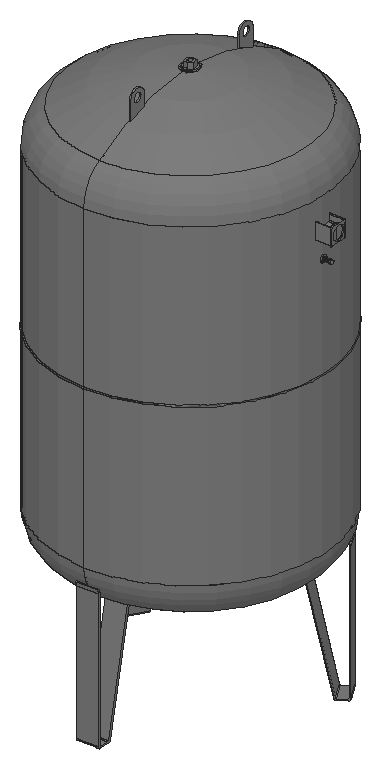
Revit family "MIT-2500-ET (Vertical)", category Specialty Equipment, Revit 2022
Family settings
  Round Connector Dimension = Use Diameter
  Part Type = Normal
  Work Plane-Based = No
  Always vertical = Yes
  Cut with Voids When Loaded = No
  Maintain Annotation Orientation = No
  Shared = No
  Room Calculation Point = No
Parameters
  URL = "https://en.ekinendustriyel.com/expansion-tanks"
  Test Pressure = 15.0 bar
  Production Standard = "TS EN 13831"
  Precharge Pressure = 4.0 bar
  Operating Pressure = 10.0 bar
  Model = "MIT-2500-ET_(Vertical)"
  Manufacturer = "Ekin Endüstriyel"
  Keynote = "Expension Tank"
  Description = "MIT-Expension Tank"
  Default Elevation = 0 mm
Reference planes
  plane 1 "Center (Front/Back)": y = 0
  plane 2: z = 0
  plane 3 "Center (Left/Right)": x = 0
Forms (mm)
  Revolve 1, solid, material "Ekin Endustriyel-S235JR", detail levels medium+fine
    sketch origin (0, -5374.015, 98.319) x (0, 1, 0) y (0, 0, 1)
      loop
        line (5374.015, 2394.595) -> (5374.015, 2390.595) -> (5415.232, 2390.595)
        arc (5415.232, 2390.595) -> (5660.359, 2344.516) -> (5885.578, 2237.342) r 968.168
        arc (5885.578, 2237.342) -> (5947.553, 2170.564) -> (5970.038, 2082.276) r 184.58
        line (5970.038, 2082.276) -> (5970.038, 628.392)
        arc (5970.038, 628.392) -> (5949.617, 546.105) -> (5893.092, 482.913) r 176
        arc (5893.092, 482.913) -> (5715.977, 388.76) -> (5522.67, 335.212) r 920.403
        arc (5522.67, 335.212) -> (5498.925, 318.221) -> (5471.045, 309.547) r 91.784
        line (5471.045, 309.547) -> (5374.015, 309.547) -> (5374.015, 305.547) -> (5471.327, 305.547)
        arc (5471.327, 305.547) -> (5499.998, 314.291) -> (5524.562, 331.468) r 95.784
        arc (5524.562, 331.468) -> (5718.047, 385.279) -> (5895.344, 479.606) r 924.403
        arc (5895.344, 479.606) -> (5953.153, 544.234) -> (5974.038, 628.392) r 180
        line (5974.038, 628.392) -> (5974.038, 1353.684)
        arc (5974.038, 1353.684) -> (5977.038, 1356.684) -> (5974.038, 1359.684) r 3
        line (5974.038, 1359.684) -> (5974.038, 2082.276)
        arc (5974.038, 2082.276) -> (5951.066, 2172.477) -> (5887.748, 2240.703) r 188.58
        arc (5887.748, 2240.703) -> (5661.544, 2348.337) -> (5415.346, 2394.595) r 972.168
        line (5415.346, 2394.595) -> (5374.015, 2394.595)
      axis (5374.015, 305.547) -> (5374.015, 2394.595)
    angle from 0 to 360
  Extrusion 2, solid, material "Ekin Endustriyel-S235JR", detail levels coarse
    sketch origin (7881.66, -13248.976, 122.286) x (0, 1, 0) y (-1, 0, 0)
      loop
        circle (13249.096, 7881.66) r 603
    from 280.888 to 2370.622
  Extrusion 3, solid, material "Ekin Endustriyel-S235JR", detail levels fine
    sketch origin (-910.329, -6586.055, 414.431) x (0, 1, 0) y (0, 0, 1)
      loop
        line (6930.329, 2011.771) -> (6930.329, 2091.758)
        arc (6930.329, 2091.758) -> (6892.852, 2129.234) -> (6855.376, 2091.758) r 37.477
        line (6855.376, 2091.758) -> (6855.376, 2037.959)
        arc (6855.376, 2037.959) -> (6893.12, 2025.631) -> (6930.329, 2011.771) r 972.168
      loop
        circle (6893.082, 2091.868) r 21.5
      loop
        arc (6241.78, 2011.771) -> (6278.99, 2025.631) -> (6316.734, 2037.959) r 972.168
        line (6316.734, 2037.959) -> (6316.734, 2091.758)
        arc (6316.734, 2091.758) -> (6279.257, 2129.234) -> (6241.78, 2091.758) r 37.477
        line (6241.78, 2091.758) -> (6241.78, 2011.771)
      loop
        circle (6279.028, 2091.868) r 21.5
    from 910.31 to 917.338
  Extrusion 4, solid, material "Ekin Endustriyel-S235JR", detail levels medium+fine
    sketch origin (2.097, -50.747, 0) x (-0.866025, 0.5, 0) y (0, 0, 1)
      loop
        line (607.19, 627) -> (610.625, 644.669) -> (606.698, 645.433) -> (603.19, 627.385) -> (603.19, 9)
        arc (603.19, 9) -> (601.726, 5.464) -> (598.19, 4) r 5
        line (598.19, 4) -> (554.478, 4)
        arc (554.478, 4) -> (551.331, 5.114) -> (549.587, 7.96) r 5
        line (549.587, 7.96) -> (442.029, 513.981) -> (438.117, 513.149) -> (546.222, 4.553)
        arc (546.222, 4.553) -> (548.655, 0.584) -> (553.043, -0.97) r 6.973
        line (553.043, -0.97) -> (600.233, -0.97)
        arc (600.233, -0.97) -> (605.152, 1.068) -> (607.19, 5.987) r 6.957
        line (607.19, 5.987) -> (607.19, 627)
    from -7.1 to 92.9
  Extrusion 5, solid, material "Ekin Endustriyel-S235JR", detail levels medium+fine
    sketch origin (2.097, -50.747, 0) x (0, -1, 0) y (0, 0, 1)
      loop
        line (532.687, 644.669) -> (528.761, 645.433) -> (525.253, 627.385) -> (525.253, 9)
        arc (525.253, 9) -> (523.788, 5.464) -> (520.253, 4) r 5
        line (520.253, 4) -> (476.541, 4)
        arc (476.541, 4) -> (473.394, 5.114) -> (471.65, 7.96) r 5
        line (471.65, 7.96) -> (364.092, 513.981) -> (360.18, 513.149) -> (468.079, 5.523)
        arc (468.079, 5.523) -> (470.511, 1.554) -> (474.9, 0) r 6.973
        line (474.9, 0) -> (522.296, 0)
        arc (522.296, 0) -> (527.215, 2.038) -> (529.253, 6.957) r 6.957
        line (529.253, 6.957) -> (529.253, 627) -> (532.687, 644.669)
    from -47.903 to 52.097
  Extrusion 6, solid, material "Ekin Endustriyel-S235JR", detail levels medium+fine
    sketch origin (2.097, -50.747, 0) x (0.866025, 0.5, 0) y (0, 0, 1)
      loop
        line (606.992, 644.669) -> (603.065, 645.433) -> (599.557, 627.385) -> (599.557, 9)
        arc (599.557, 9) -> (598.093, 5.464) -> (594.557, 4) r 5
        line (594.557, 4) -> (550.845, 4)
        arc (550.845, 4) -> (547.699, 5.114) -> (545.954, 7.96) r 5
        line (545.954, 7.96) -> (438.397, 513.981) -> (434.484, 513.149) -> (542.383, 5.523)
        arc (542.383, 5.523) -> (544.815, 1.554) -> (549.204, 0) r 6.973
        line (549.204, 0) -> (596.6, 0)
        arc (596.6, 0) -> (601.52, 2.038) -> (603.557, 6.957) r 6.957
        line (603.557, 6.957) -> (603.557, 627) -> (606.992, 644.669)
    from -94.997 to 5.003
  Extrusion 7, solid, material "Ekin Endustriyel-S235JR", detail levels coarse
    sketch origin (2.097, -50.747, 0) x (-0.866025, 0.5, 0) y (0, 0, 1)
      loop
        line (607.19, 403.174) -> (461.493, 403.174) -> (546.016, 5.523)
        arc (546.016, 5.523) -> (548.448, 1.554) -> (552.837, 0) r 6.973
        line (552.837, 0) -> (600.233, 0)
        arc (600.233, 0) -> (605.152, 2.038) -> (607.19, 6.957) r 6.957
        line (607.19, 6.957) -> (607.19, 403.174)
    from -7.1 to 92.9
  Extrusion 8, solid, material "Ekin Endustriyel-S235JR", detail levels coarse
    sketch origin (2.097, -50.747, 0) x (0, -1, 0) y (0, 0, 1)
      loop
        line (529.253, 403.174) -> (383.556, 403.174) -> (468.079, 5.523)
        arc (468.079, 5.523) -> (470.511, 1.554) -> (474.9, 0) r 6.973
        line (474.9, 0) -> (522.296, 0)
        arc (522.296, 0) -> (527.215, 2.038) -> (529.253, 6.957) r 6.957
        line (529.253, 6.957) -> (529.253, 403.174)
    from -47.903 to 52.097
  Extrusion 9, solid, material "Ekin Endustriyel-S235JR", detail levels coarse
    sketch origin (2.097, -50.747, 0) x (0.866025, 0.5, 0) y (0, 0, 1)
      loop
        line (603.557, 403.174) -> (457.86, 403.174) -> (542.383, 5.523)
        arc (542.383, 5.523) -> (544.815, 1.554) -> (549.204, 0) r 6.973
        line (549.204, 0) -> (596.6, 0)
        arc (596.6, 0) -> (601.52, 2.038) -> (603.557, 6.957) r 6.957
        line (603.557, 6.957) -> (603.557, 403.174)
    from -94.997 to 5.003
  Extrusion 10, solid, material "Ekin Endustriyel-S235JR", detail levels coarse
    sketch origin (371.905, -0.358, 1250) x (1, 0, 0) y (0, 1, 0)
      loop
        line (226.508, -39.142) -> (298.922, -39.142) -> (298.922, 39.858) -> (226.683, 39.858)
        arc (226.683, 39.858) -> (229.034, 19.99) -> (229.819, 0) r 254.819
        arc (229.819, 0) -> (228.99, -19.641) -> (226.508, -39.142) r 233
    from 767.5 to 842.5
  Extrusion 11, solid, material "Ekin Endustriyel-S235JR", detail levels medium+fine
    sketch origin (371.905, -0.358, 1250) x (1, 0, 0) y (0, 1, 0)
      loop
        line (296.322, 39.858) -> (226.683, 39.858)
        arc (226.683, 39.858) -> (226.839, 38.858) -> (226.992, 37.858) r 254.819
        line (226.992, 37.858) -> (296.322, 37.858)
        arc (296.322, 37.858) -> (296.747, 37.682) -> (296.922, 37.258) r 0.6
        line (296.922, 37.258) -> (296.922, -36.542)
        arc (296.922, -36.542) -> (296.747, -36.967) -> (296.322, -37.142) r 0.6
        line (296.322, -37.142) -> (227.098, -37.142)
        arc (227.098, -37.142) -> (226.949, -38.143) -> (226.795, -39.142) r 254.819
        line (226.795, -39.142) -> (296.322, -39.142)
        arc (296.322, -39.142) -> (298.161, -38.381) -> (298.922, -36.542) r 2.6
        line (298.922, -36.542) -> (298.922, 37.258)
        arc (298.922, 37.258) -> (298.161, 39.096) -> (296.322, 39.858) r 2.6
    from 767.5 to 842.5
  Extrusion 12, void
    sketch origin (670.827, -36.9, 1250) x (0, 1, 0) y (0, 0, 1)
      loop
        circle (36.9, 805) r 32.5
    from -2 to 0
  Revolve 13, solid, material "Ekin Endustriyel-S235JR", detail levels fine
    sketch origin (371.905, -0.358, 1250) x (1, 0, 0) y (0, 0, 1)
      loop
        line (230, 811.5) -> (230, 805) -> (288.499, 805) -> (288.499, 837.415) -> (283.499, 837.415) -> (283.499, 835.016) -> (279.483, 835.016)
        arc (279.483, 835.016) -> (278.774, 834.723) -> (278.48, 834.013) r 1.003
        line (278.48, 834.013) -> (253.48, 834.013) -> (253.48, 815.002) -> (252.5, 815.002)
        arc (252.5, 815.002) -> (252.139, 814.657) -> (252, 814.178) r 0.964
        line (252, 814.178) -> (252, 812.305) -> (245, 812.305) -> (245, 811.5) -> (230, 811.5)
      axis (230, 805) -> (288.499, 805)
    angle from 0 to 360
  Revolve 14, solid, material "Ekin Endustriyel-S235JR", detail levels fine
    sketch origin (369.999, -0.358, 1122.504) x (1, 0, 0) y (0, 0, 1)
      loop
        line (229.96, 805) -> (275.561, 805)
        arc (275.561, 805) -> (274.758, 808.458) -> (272.513, 811.208) r 7.847
        line (272.513, 811.208) -> (261.504, 811.208) -> (261.504, 812.005) -> (260.479, 812.005) -> (260.479, 810.108) -> (259.639, 809.269) -> (258.962, 809.946) -> (258.285, 809.269) -> (257.608, 809.946) -> (256.931, 809.269) -> (256.254, 809.946) -> (255.577, 809.269) -> (254.899, 809.946) -> (254.222, 809.269) -> (253.545, 809.946) -> (252.868, 809.269) -> (252.191, 809.946) -> (251.514, 809.269) -> (250.837, 809.946) -> (250.16, 809.269) -> (249.483, 809.946) -> (248.806, 809.269) -> (248.128, 809.946) -> (247.451, 809.269) -> (246.774, 809.946) -> (246.097, 809.269) -> (245.42, 809.946) -> (244.743, 809.269) -> (244.066, 809.946) -> (243.389, 809.269) -> (242.712, 809.946) -> (242.035, 809.269) -> (241.357, 809.946) -> (240.68, 809.269) -> (240.003, 809.946) -> (239.326, 809.269) -> (238.649, 809.946) -> (237.972, 809.269) -> (237.295, 809.946) -> (236.618, 809.269) -> (235.941, 809.946) -> (235.264, 809.269) -> (234.586, 809.946) -> (233.909, 809.269) -> (233.232, 809.946) -> (232.555, 809.269) -> (232.001, 809.823) -> (232.001, 814.435) -> (232.001, 819.99) -> (229.96, 819.99) -> (229.96, 805)
      axis (229.96, 805) -> (275.561, 805)
    angle from 0 to 360
  Extrusion 15, solid, material "Ekin Endustriyel-S235JR", detail levels fine
    sketch origin (369.999, -0.358, 1204.3) x (0, 1, 0) y (0, 0, 1)
      loop
        line (0.348, 732.628) -> (-7.805, 727.921) -> (-7.805, 718.507) -> (0.348, 713.8) -> (8.5, 718.507) -> (8.5, 727.921) -> (0.348, 732.628)
    from 232.001 to 240.003
  Extrusion 16, solid, material "Ekin Endustriyel-S235JR", detail levels coarse
    sketch origin (-663.114, -426.277, 403.669) x (1, 0, 0) y (0, 1, 0)
      loop
        circle (663.114, 426.414) r 150
    from -23.5 to -13.542
  Revolve 17, solid, material "Ekin Endustriyel-S235JR", detail levels fine
    sketch origin (1884.269, 0.217, 345.191) x (1, 0, 0) y (0, 0, 1)
      loop
        line (-1917.384, -21.889) -> (-1909.828, -21.889) -> (-1907.892, -20.316) -> (-1909.118, -19.32) -> (-1907.892, -18.324) -> (-1909.118, -17.327) -> (-1907.892, -16.331) -> (-1909.118, -15.335) -> (-1907.892, -14.339) -> (-1909.118, -13.343) -> (-1907.892, -12.346) -> (-1909.118, -11.35) -> (-1907.892, -10.354) -> (-1909.118, -9.358) -> (-1907.892, -8.361) -> (-1909.118, -7.365) -> (-1907.892, -6.369) -> (-1909.118, -5.373) -> (-1907.892, -4.377) -> (-1909.118, -3.38) -> (-1907.892, -2.384) -> (-1909.118, -1.388) -> (-1907.892, -0.392) -> (-1909.118, 0.605) -> (-1907.892, 1.601) -> (-1909.118, 2.597) -> (-1907.892, 3.593) -> (-1909.118, 4.589) -> (-1907.892, 5.586) -> (-1909.118, 6.582) -> (-1907.892, 7.578) -> (-1909.118, 8.574) -> (-1907.892, 9.571) -> (-1909.118, 10.567) -> (-1907.892, 11.563) -> (-1909.118, 12.559) -> (-1907.892, 13.555) -> (-1909.118, 14.552) -> (-1907.892, 15.548) -> (-1909.118, 16.544) -> (-1907.892, 17.54) -> (-1909.118, 18.537) -> (-1907.384, 19.945) -> (-1907.384, 33.093)
        arc (-1907.384, 33.093) -> (-1907.936, 34.426) -> (-1909.269, 34.978) r 1.885
        line (-1909.269, 34.978) -> (-1917.384, 34.978) -> (-1917.384, -21.889)
      axis (-1884.269, 34.978) -> (-1884.269, -21.889)
    angle from 0 to 360
  Extrusion 18, solid, material "Ekin Endustriyel-S235JR", detail levels fine
    sketch origin (-672.202, -409.557, 409.82) x (1, 0, 0) y (0, 1, 0)
      loop
        circle (534.664, 409.557) r 6
      loop
        circle (809.741, 409.557) r 6
      loop
        circle (672.202, 547.095) r 6
      loop
        circle (672.202, 272.018) r 6
      loop
        circle (574.948, 506.811) r 6
      loop
        circle (769.457, 312.302) r 6
      loop
        circle (769.457, 506.811) r 6
      loop
        circle (574.948, 312.302) r 6
    from 0.262 to -29.241
  Extrusion 19, solid, material "Ekin Endustriyel-S235JR", detail levels medium
    sketch origin (1329.894, -1405.14, 376.191) x (0, 1, 0) y (1, 0, 0)
      loop
        circle (1405.357, -1330) r 33.189
      loop
        circle (1405.357, -1330) r 24.638
    from 52.889 to -3.978
  Extrusion 20, solid, material "Ekin Endustriyel-S235JR", detail levels coarse
    sketch origin (1330.207, -1405.14, 376.191) x (0, 1, 0) y (1, 0, 0)
      loop
        arc (1372.168, -1330) -> (1388.495, -1358.586) -> (1421.412, -1359.048) r 33.189
        arc (1421.412, -1359.048) -> (1422.22, -1301.414) -> (1372.168, -1330) r 33.189
    from -3.978 to 52.889
  Extrusion 21, solid, material "Ekin Endustriyel-S235JR", detail levels medium+fine
    sketch origin (-663.114, -1231.277, 444.714) x (0, 1, 0) y (1, 0, 0)
      loop
        circle (1231.414, 663.114) r 150
      loop
        circle (1231.396, 525.584) r 5.994
      loop
        circle (1231.396, 800.644) r 5.994
      loop
        circle (1328.59, 565.793) r 5.994
      loop
        circle (1133.964, 565.793) r 5.994
      loop
        circle (1328.59, 760.434) r 5.994
      loop
        circle (1133.964, 760.434) r 5.994
      loop
        circle (1368.926, 663.114) r 5.994
      loop
        circle (1093.866, 663.114) r 5.994
    from 46.54 to 41.54
  Extrusion 22, solid, material "Ekin Endustriyel-S235JR", detail levels medium+fine
    sketch origin (3869.838, -4745.781, 2495.727) x (0, 1, 0) y (-1, 0, 0)
      loop
        circle (4745.469, 3869.844) r 11
      loop
        line (4730.56, 3886.032) -> (4723.995, 3865.027) -> (4738.903, 3848.838) -> (4760.377, 3853.655) -> (4766.943, 3874.661) -> (4752.034, 3890.849) -> (4730.56, 3886.032)
    from 0.181 to 23
  Extrusion 23, solid, material "Ekin Endustriyel-S235JR", detail levels coarse
    sketch origin (3869.838, -4745.781, 2495.727) x (0, 1, 0) y (-1, 0, 0)
      loop
        line (4730.56, 3886.032) -> (4723.995, 3865.027) -> (4738.903, 3848.838) -> (4760.377, 3853.655) -> (4766.943, 3874.661) -> (4752.034, 3890.849) -> (4730.56, 3886.032)
    from -2.819 to 23
  Extrusion 24, solid, material "Ekin Endustriyel-S235JR", detail levels medium+fine
    sketch origin (3869.838, -4745.781, 2495.727) x (0, 1, 0) y (-1, 0, 0)
      loop
        circle (4745.827, 3869.844) r 32.5
    from -2.819 to 0.181
  Extrusion 25, solid, material "Ekin Endustriyel-S235JR", detail levels coarse
    sketch origin (-663.114, -426.277, 414.73) x (1, 0, 0) y (0, 1, 0)
      loop
        circle (663.114, 426.414) r 150
    from -16.556 to -11.556
  Extrusion 26, solid, material "Ekin Endustriyel-S235JR", detail levels medium+fine
    sketch origin (-663.114, -1231.277, 445.73) x (0, 1, 0) y (1, 0, 0)
      loop
        circle (1231.414, 663.114) r 150
      loop
        circle (1231.396, 525.584) r 5.994
      loop
        circle (1231.396, 800.644) r 5.994
      loop
        circle (1328.59, 565.793) r 5.994
      loop
        circle (1133.964, 565.793) r 5.994
      loop
        circle (1328.59, 760.434) r 5.994
      loop
        circle (1133.964, 760.434) r 5.994
      loop
        circle (1368.926, 663.114) r 5.994
      loop
        circle (1093.866, 663.114) r 5.994
    from 47.556 to 42.556
  Extrusion 27, solid, material "Ekin Endustriyel-S235JR", detail levels fine
    sketch origin (-456.831, -583.175, 447.311) x (-0.339703, 0.940533, 0) y (0.940533, 0.339703, 0)
      loop
        line (431.915, 491.303) -> (442.297, 487.728) -> (450.583, 494.932) -> (448.488, 505.71) -> (438.107, 509.284) -> (429.82, 502.081) -> (431.915, 491.303)
      loop
        line (335.801, 757.413) -> (341.077, 747.784) -> (352.054, 747.538) -> (357.755, 756.921) -> (352.479, 766.55) -> (341.502, 766.796) -> (335.801, 757.413)
      loop
        line (530.023, 666.262) -> (533.598, 676.643) -> (526.395, 684.93) -> (515.617, 682.835) -> (512.042, 672.453) -> (519.246, 664.167) -> (530.023, 666.262)
      loop
        line (263.914, 570.148) -> (273.543, 575.424) -> (273.789, 586.401) -> (264.405, 592.102) -> (254.776, 586.826) -> (254.53, 575.849) -> (263.914, 570.148)
      loop
        line (517.205, 558.464) -> (527.073, 563.277) -> (527.839, 574.23) -> (518.736, 580.369) -> (508.868, 575.556) -> (508.102, 564.603) -> (517.205, 558.464)
      loop
        line (261.074, 678.669) -> (271.613, 675.59) -> (279.549, 683.178) -> (276.945, 693.845) -> (266.406, 696.923) -> (258.47, 689.335) -> (261.074, 678.669)
      loop
        line (463.686, 751.849) -> (458.873, 761.717) -> (447.92, 762.483) -> (441.78, 753.38) -> (446.593, 743.512) -> (457.546, 742.746) -> (463.686, 751.849)
      loop
        line (343.481, 495.718) -> (346.559, 506.257) -> (338.971, 514.193) -> (328.305, 511.589) -> (325.227, 501.05) -> (332.815, 493.114) -> (343.481, 495.718)
    from 67.142 to 74.733
Cuts and joins
  Extrusion 12 cuts Extrusion 11
Dimensions and locks
  aligned and locked: level to plane 2
Connectors
  piping at (-0.106, 0.217, 323.302), diameter 25.4
    settings: on Extrusion 19, index 3, connector inside diameter 609.6 mm, connector length 0 mm, flow factor 0, pipe flow 0.0 L/s, pressure drop 0.0 Pa, fitting loss kfactor 0, connector angle 0.00°, fixture units 0, engagement length 0 mm, angle of deflection 0.00°, flow configuration 0, flow direction 0, fitting loss method 0, system type 7, joint type 0, gender type 0, connector reference index -1, connector utility 0, adjustable connector no, is connector primary yes, connector description ""
